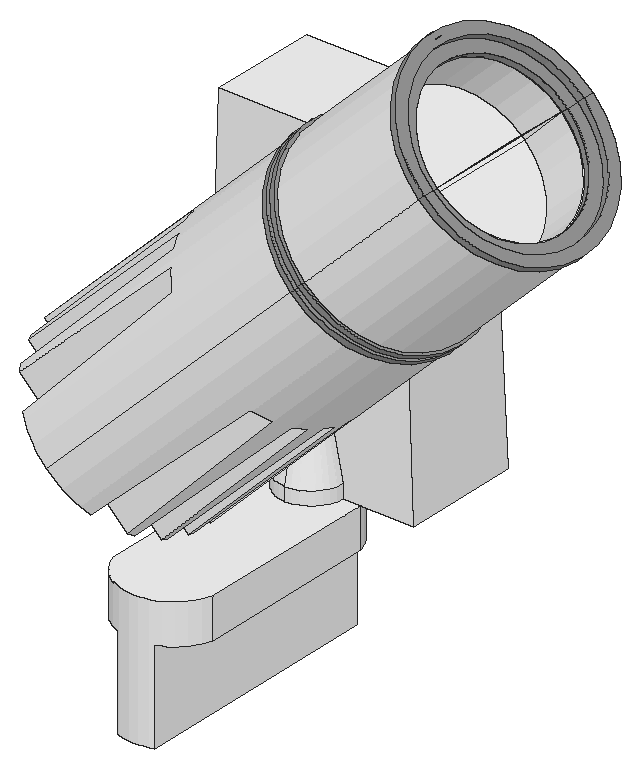
Revit family "2055958", category Lighting Fixtures, host Face, Revit 2016
Family settings
  Host = Face
  Part Type = Normal
  Round Connector Dimension = Use Diameter
  OmniClass Number = 23.80.70.00
  OmniClass Title = Lighting
  Cut with Voids When Loaded = No
  Light Source = No
  Shared = No
  Room Calculation Point = No
Parameters (values of type "2055958 BCON PRJ FRAM O/B L3 4K WH")
  Weight = "1.365 kg"
  Wattage Comments = ""
  WarrantyStartDate [instance] = "n/a"
  WarrantyGuarantorParts = "n/a"
  WarrantyDurationUnit = "n/a"
  WarrantyDurationParts = "n/a"
  WarrantyDescription = "n/a"
  Voltage = 230 V
  URL = "http://www.sylvania-lighting.com"
  TypeName = "BCON PRJ FRAM O/B L3 4K WH"
  TypeHead_SYL = Beacon LED Projector Framing Head : 2055958 BCON PRJ FRAM O/B L3 4K WH
  Type Image = <None>
  Type Comments = "n/a"
  Track_SYL = yes
  Surface_SYL = not(Track_SYL)  # no
  SerialNumber [instance] = "n/a"
  Material_3_SYL = none
  PowerFactor = 0.95
  PowerConsumption = "35 W"
  NominalLength = 0 mm
  NominalHeight = 215 mm
  NominalDepth = 185 mm
  Name = "BCON PRJ FRAM O/B L3 4K WH"
  ModelReference = Name  # "BCON PRJ FRAM O/B L3 4K WH"
  ModelNumber = "2055958"
  Model = Name  # "BCON PRJ FRAM O/B L3 4K WH"
  Material = "aluminium housing"
  ManufacturerName = "Feilo Sylvania"
  Manufacturer = "Feilo Sylvania"
  LuminousEfficacy = "14 lm/W"
  LuminaireType = ""
  LightOutputRatio = "100"
  LampsType = Lamp  # "LED"
  LampNominalLuminous = "474 lm"
  LampMacAdamStep = "3"
  LampColourTemperature = "4000 K"
  LampColourRenderingIndex = "97"
  Lamp = "LED"
  Keynote = "16500"
  InstallationDate [instance] = "n/a"
  InputVoltage = "AC 230 V"
  InputNominalFrequency = "50/60 Hz"
  IngressProtection = "IP20"
  ImpactProtectionIndex = "IK02"
  IfcExportType = "IfcLightFixtureType"
  IfcExportAs = "IfcLightFixtureType"
  HorizontalRotation_SYL [instance] = 0.00°
  EndAngle_SYL [instance] = HorizontalRotation_SYL + 180.00°  # 180.00°
  ElectricShockClassification = "Class II"
  DocumentationLiterature = "http://www.sylvania-lighting.com/product/en-int/products/2055958"
  DimmingControlOptions = "n/a"
  Material_2_SYL = Body-Sylvania-Black
  Description = "Beacon Projector offers precision light exactly where it is needed. The Framing Projector has four adjustable arms allowing the beam to be framed to the desired size shape (square/rectangle or irregular 4 sided shapes).High colour rendering CRI 97 typical. IR/UV free light source without heat radiation. LED technology provides an energy efficient solution with reduced maintenance costs."
  Default Elevation = 1219.2 mm
  CreatedOn = "3/14/2019"
  CreatedBy = "@sylvania-lighting.com"
  Cost = 0
  built-in parameter 1114216 [instance] = (empty or 0)
  ClassificationValue = "EF_70_80"
  ClassificationName = "Uniclass2015"
  Material_1_SYL = Body-Sylvania-White
  BarCode [instance] = "n/a"
  AssetType = "Fixed"
  AssetIdentifier [instance] = "n/a"
  Assembly Code = "D5020200"
  Apparent Load = 35 VA
  Material_4_SYL = none
Reference planes
  plane 1 "Center (Front/Back)": y = 0
  plane 2: z = 0
  plane 3 "Center (Left/Right)": x = 0
  plane 4: x = 7
  plane 5: x = -7
  plane 6: z = -34.5
  plane 7: z = 15
  plane 8: x = 18.5
  plane 9: x = -18.5
  plane 10: y = 48.5
  plane 11: y = -48.5
  plane 12: y = 34.5
  plane 13: y = -34.5
  plane 14: y = 77
  plane 15: y = -8
  plane 16: x = 42.5
  plane 17: x = -42.5
Forms (mm)
  Extrusion 1, solid, material "Body-Sylvania-White" <- "Material_1_SYL", visible <- "Track_SYL"
    sketch origin (0, 0, 0) x (1, 0, 0) y (0, 0, 1)
      loop
        line (-18.5, 15) -> (-18.5, 0) -> (-7, 0) -> (-7, -34.5) -> (7, -34.5) -> (7, 0) -> (18.5, 0) -> (18.5, 15) -> (-18.5, 15)
    from -48.5 to 48.5
  Extrusion 2, void
    sketch origin (0, 0, 0) x (1, 0, 0) y (0, 1, 0)
      loop
        arc (-18.5, 34.5) -> (0, 48.5) -> (18.5, 34.5) r 19.223
        line (18.5, 34.5) -> (21.5, 34.5) -> (21.5, 54.5) -> (-23.5, 54.5) -> (-23.5, 34.5) -> (-18.5, 34.5)
      loop
        line (-18.5, -34.5) -> (-23.5, -34.5) -> (-23.5, -54.5) -> (21.5, -54.5) -> (21.5, -34.5) -> (18.5, -34.5)
        arc (18.5, -34.5) -> (0, -48.5) -> (-18.5, -34.5) r 19.223
    from -34.5 to 15
  Revolve 3, solid, not visible
    sketch origin (0, 0, 0) x (0, 1, 0) y (0, 0, 1)
      loop
        line (34.5, 15) -> (48.5, 15) -> (48.5, 39.844) -> (34.5, 39.844) -> (34.5, 15)
      axis (34.5, 15) -> (34.5, 39.844)
    angle from 0 <- "HorizontalRotation_SYL" to 180 <- "EndAngle_SYL"
  Extrusion 4, solid, material "Body-Sylvania-White" <- "Material_1_SYL", visible <- "Surface_SYL"
    sketch origin (0, 0, 0) x (1, 0, 0) y (0, 1, 0)
      loop
        arc (39.5, -8) -> (41.621, -7.121) -> (42.5, -5) r 3
        line (42.5, -5) -> (42.5, 74)
        arc (42.5, 74) -> (41.621, 76.121) -> (39.5, 77) r 3
        line (39.5, 77) -> (-39.5, 77)
        arc (-39.5, 77) -> (-41.621, 76.121) -> (-42.5, 74) r 3
        line (-42.5, 74) -> (-42.5, -5)
        arc (-42.5, -5) -> (-41.621, -7.121) -> (-39.5, -8) r 3
        line (-39.5, -8) -> (39.5, -8)
    from 0 to 15
Cuts and joins
  Extrusion 2 cuts Extrusion 1
Dimensions and locks
  plane 8 to plane 4 to plane 3 "Center (Left/Right)" to plane 5 to plane 9 = 11.5 mm locked, 7 mm locked, 7 mm locked, 11.5 mm locked
  plane 7 to level to plane 6 = 15 mm locked, 34.5 mm locked
  plane 11 to plane 1 "Center (Front/Back)" to plane 10 = 48.5 mm locked, 48.5 mm locked
  plane 13 to plane 1 "Center (Front/Back)" to plane 12 = 34.5 mm locked, 34.5 mm locked
  plane 15 to plane 12 to plane 14 = 42.5 mm locked, 42.5 mm locked
  plane 16 to plane 3 "Center (Left/Right)" to plane 17 = 42.5 mm locked, 42.5 mm locked
  aligned and locked: plane 2 to host face
  aligned and locked: level to host face
  aligned and locked: plane 7 to Extrusion 1 sketch curve
  aligned and locked: level to Extrusion 1 sketch curve
  aligned and locked: Extrusion 1 sketch curve to plane 8
  aligned and locked: Extrusion 1 sketch curve to plane 6
  aligned and locked: Extrusion 1 sketch curve to plane 4
  aligned and locked: plane 5 to Extrusion 1 sketch curve
  aligned and locked: Extrusion 1 sketch curve to level
  aligned and locked: Extrusion 1 to plane 10
  aligned and locked: plane 11 to Extrusion 1
  aligned and locked: plane 12 to Extrusion 2 sketch curve  (x2)
  aligned and locked: plane 8 to Extrusion 2 sketch curve
  aligned and locked: plane 9 to Extrusion 2 sketch curve
  aligned and locked: plane 13 to Extrusion 2 sketch curve  (x3)
  aligned and locked: Extrusion 2 sketch curve to Extrusion 2 sketch curve  (x2)
  aligned and locked: plane 6 to Extrusion 2
  aligned and locked: Extrusion 2 to plane 7
  aligned and locked: Revolve 3 sketch curve to plane 12
  aligned and locked: Revolve 3 sketch curve to cut or joined group of Extrusion 1, Extrusion 2  (x2)
  aligned and locked: Revolve 3 sketch curve to plane 10
  aligned and locked: Extrusion 4 sketch curve to plane 15
  aligned and locked: Extrusion 4 sketch curve to plane 16
  aligned and locked: plane 14 to Extrusion 4 sketch curve
  aligned and locked: plane 17 to Extrusion 4 sketch curve
  aligned and locked: Extrusion 4 to plane 7
  aligned and locked: Extrusion 4 to level
  aligned and locked: nested 2 to plane 12
Nested families
  nested 1: "Beacon LED Projector Framing Gearbox" at (0, 34.5, 15) x (0, 1, 0) z (1, 0, 0), type "Type Name"
    with VerticalRotation_SYL -45.00°, EndAngle_SYL 135.00°
  nested 2: "Beacon LED Projector Framing Head" at (0, -10.5, 78) x (0, 1, 0) z (0.7071, 0, 0.7071), type <- "TypeHead_SYL", type "2055958 BCON PRJ FRAM O/B L3 4K WH"
    with built-in parameter 1114216 (empty or 0)
Connectors
  electrical at (0, 34.5, 0), driven by "Voltage", driven by "Apparent Load", driven by "PowerFactor"
    settings: on Extrusion 4, index 1, voltage 230 V, apparent load 35 VA, apparent load phase1 0 VA, apparent load phase2 0 VA, apparent load phase3 0 VA, power factor 0.95, load classification "Other", number of poles 1, system type 30, power factor state 1, is connector primary yes, connector utility no, sub classification motor no, connector description ""
Definition of nested family "Beacon LED Projector Framing Gearbox"
  Parameters (values of type "Type Name")
    VerticalRotation_SYL [instance] = 0.00°
    URL = "http://www.sylvania-lighting.com"
    Type Image = (empty or 0)
    Type Comments = "n/a"
    Material_3_SYL = none
    Model = ""
    Manufacturer = "Feilo Sylvania"
    Keynote = ""
    Material_2_SYL = none
    EndAngle_SYL [instance] = VerticalRotation_SYL + 180.00°  # 180.00°
    Description = ""
    Default Elevation = 1219.2 mm
    Cost = 0
    Material_1_SYL = none
    Assembly Code = ""
    Material_4_SYL = none
  Reference planes
    plane 1 "Center (Front/Back)": y = 0
    plane 2: z = 0
    plane 3 "Center (Left/Right)": x = 0
    plane 4: y = 5
    plane 5: y = 63
    plane 6: y = 47
    plane 7: y = 121
    plane 8: x = -3
    plane 9: x = -12
    plane 10: x = 41
    plane 11: x = 44
    plane 12: z = 38.5
    plane 13: z = -38.5
    plane 14: z = 34.5
    plane 15: z = -34.5
  Forms (mm)
    Extrusion 1, solid
      sketch origin (4.2, 0, 0) x (1, 0, 0) y (0, 1, 0)
        loop
          line (-1219.2, 1219.2) -> (-1219.2, -1219.2) -> (1219.2, -1219.2) -> (1219.2, 1219.2) -> (-1219.2, 1219.2)
      from 0 to -68.017
    Revolve 2, solid, material <- "Material_1_SYL"
      sketch origin (0, 0, 0) x (1, 0, 0) y (0, 1, 0)
        loop
          line (0, 0) -> (0, 47) -> (-3, 47) -> (-12, 5) -> (-12, 0) -> (0, 0)
        axis (0, 47) -> (0, 0)
      angle from 360 to 0
    Blend 3, solid, material <- "Material_1_SYL"
      base sketch origin (0, 0, 0) x (1, 0, 0) y (0, 0, 1)
        loop
          line (0, -38.5) -> (44, -38.5) -> (44, 38.5) -> (0, 38.5) -> (0, -38.5)
      top sketch origin (0, 0, 0) x (1, 0, 0) y (0, 0, 1)
        loop
          line (0, 34.5) -> (0, -34.5) -> (41, -34.5) -> (41, 34.5) -> (0, 34.5)
      from 0 to -121
    Revolve 4, solid, not visible
      sketch origin (0, 0, 0) x (1, 0, 0) y (0, 1, 0)
        loop
          line (0, 63) -> (-12, 63) -> (-12, 47) -> (0, 47) -> (0, 63)
        axis (0, 63) -> (-12, 63)
      angle from 0 <- "VerticalRotation_SYL" to 180 <- "EndAngle_SYL"
  Cuts and joins
    joined: Revolve 2, Blend 3
  Dimensions and locks
    plane 3 "Center (Left/Right)" to plane 10 to plane 11 = 41 mm locked, 3 mm locked
    plane 9 to plane 8 to plane 3 "Center (Left/Right)" = 9 mm locked, 3 mm locked
    plane 1 "Center (Front/Back)" to plane 4 to plane 6 to plane 5 to plane 7 = 5 mm locked, 42 mm locked, 16 mm locked, 58 mm locked
    plane 14 to level to plane 15 = 34.5 mm locked, 34.5 mm locked
    locked: plane 12 to plane 14 at 4
    locked: plane 15 to plane 13 at 4
    aligned and locked: plane 2 to Extrusion 1
    aligned and locked: level to Extrusion 1
    aligned and locked: Revolve 2 sketch curve to plane 3 "Center (Left/Right)"  (x2)
    aligned and locked: Revolve 2 sketch curve to Revolve 2 sketch curve
    aligned and locked: Revolve 2 sketch curve to plane 1 "Center (Front/Back)"
    aligned and locked: plane 4 to Revolve 2 sketch curve
    aligned and locked: plane 9 to Revolve 2 sketch curve
    aligned and locked: plane 6 to Revolve 2 sketch curve  (x2)
    aligned and locked: plane 3 "Center (Left/Right)" to Revolve 2 sketch curve
    aligned and locked: plane 13 to Blend 3 sketch curve
    aligned and locked: Blend 3 sketch curve to plane 3 "Center (Left/Right)"
    aligned and locked: Blend 3 sketch curve to plane 12
    aligned and locked: plane 11 to Blend 3 sketch curve
    aligned and locked: plane 14 to Blend 3 sketch curve
    aligned and locked: Blend 3 sketch curve to plane 15
    aligned and locked: Blend 3 sketch curve to plane 10
    aligned and locked: Blend 3 to plane 7
    aligned and locked: plane 1 "Center (Front/Back)" to Blend 3
    aligned and locked: Revolve 4 sketch curve to plane 5
    aligned and locked: Revolve 4 sketch curve to Revolve 4 sketch curve
    aligned and locked: plane 3 "Center (Left/Right)" to Revolve 4 sketch curve
    aligned and locked: plane 6 to Revolve 4 sketch curve
    aligned and locked: Revolve 4 sketch curve to plane 9
Definition of nested family "Beacon LED Projector Framing Head"
  Parameters (values of type "2055967 BCON PRJ FRAM DALI L3 4K BLK")
    Wattage Comments = "n/a"
    Wattage = 35 W
    built-in parameter 1150110 = 1 (stored number, unit not read)
    URL = "http://www.sylvania-lighting.com"
    Type Image = (empty or 0)
    Type Comments = "n/a"
    built-in parameter 1114217 = 1 (stored number, unit not read)
    Tilt Angle = -90.00°
    built-in parameter 1150109 = 1 (stored number, unit not read)
    built-in parameter 1150134 = 12
    built-in parameter 1150113 = 1 (stored number, unit not read)
    Photometric Web File = "spot_ideal.ies"
    Material_3_SYL = none
    Model = "BCON PRJ FRAM DALI L3 4K BLK"
    Manufacturer = "Feilo Sylvania"
    built-in parameter 1150105 = 49 (stored number, unit not read)
    Lumens = 490 lm
    built-in parameter 1150115 = 1 (stored number, unit not read)
    built-in parameter 1150137 = (empty or 0)
    built-in parameter 1150139 = (empty or 0)
    built-in parameter 1150112 = 1 (stored number, unit not read)
    built-in parameter 1150114 = 1 (stored number, unit not read)
    Lamp = "LED"
    Keynote = "16500"
    Material_2_SYL = none
    built-in parameter 1150132 = (empty or 0)
    built-in parameter 1150102 = (empty or 0)
    built-in parameter 1150107 = 4000 (stored number, unit not read)
    built-in parameter 1150138 = (empty or 0)
    built-in parameter 1150106 = 0.49 (stored number, unit not read)
    Emit from Circle Diameter = 61 mm
    Emit Shape Visible in Rendering = no
    built-in parameter 1150104 = 1.3006 (stored number, unit not read)
    Dimming Lamp Color Temperature Shift = (empty or 0)
    Description = "Beacon Projector offers precision light exactly where it is needed. The Framing Projector has four adjustable arms allowing the beam to be framed to the desired size shape (square/rectangle or irregular 4 sided shapes).High colour rendering CRI 97 typical. IR/UV free light source without heat radiation. LED technology provides an energy efficient solution with reduced maintenance costs."
    Default Elevation = 1219.2 mm
    Cost = 0
    Color Filter = 16777215
    built-in parameter 1114216 [instance] = (empty or 0)
    Material_1_SYL = none
    built-in parameter 1114218 = 1 (stored number, unit not read)
    built-in parameter 1150133 = 10 (stored number, unit not read)
    Assembly Code = "D5020200"
    Apparent Load = 35 VA
    Material_4_SYL = none
  Types (12, lengths in mm): name | built-in parameter 1150134 | Model | built-in parameter 1150107
    2055967 BCON PRJ FRAM DALI L3 4K BLK | 12 | "BCON PRJ FRAM DALI L3 4K BLK" | 4000 (stored number, unit not read)
    2055966 BCON PRJ FRAM DALI L3 4K WH | 12 | "BCON PRJ FRAM DALI L3 4K WH" | 4000 (stored number, unit not read)
    2055965 BCON PRJ FRAM DALI L3 3K BLK | (empty or 0) | "BCON PRJ FRAM DALI L3 3K BLK" | 3000 (stored number, unit not read)
    2055964 BCON PRJ FRAM DALI L3 3K WH | (empty or 0) | "BCON PRJ FRAM DALI L3 3K WH" | 3000 (stored number, unit not read)
    2055963 BCON PRJ FRAM O/B SM 4K BLK | 12 | "BCON PRJ FRAM O/B SM 4K BLK" | 4000 (stored number, unit not read)
    2055962 BCON PRJ FRAM O/B SM 4K WH | 12 | "BCON PRJ FRAM O/B SM 4K WH" | 4000 (stored number, unit not read)
    2055961 BCON PRJ FRAM O/B SM 3K BLK | (empty or 0) | "BCON PRJ FRAM O/B SM 3K BLK" | 3000 (stored number, unit not read)
    2055960 BCON PRJ FRAM O/B SM 3K WH | (empty or 0) | "BCON PRJ FRAM O/B SM 3K WH" | 3000 (stored number, unit not read)
    2055959 BCON PRJ FRAM O/B L3 4K BLK | 12 | "BCON PRJ FRAM O/B L3 4K BLK" | 4000 (stored number, unit not read)
    2055958 BCON PRJ FRAM O/B L3 4K WH | 12 | "BCON PRJ FRAM O/B L3 4K WH" | 4000 (stored number, unit not read)
    2055957 BCON PRJ FRAM O/B L3 3K BLK | (empty or 0) | "BCON PRJ FRAM O/B L3 3K BLK" | 3000 (stored number, unit not read)
    2055956 BCON PRJ FRAM O/B L3 3K WH | (empty or 0) | "BCON PRJ FRAM O/B L3 3K WH" | 3000 (stored number, unit not read)
  Reference planes
    plane 1 "Center (Front/Back)": y = 0
    plane 2: z = 0
    plane 3 "Center (Left/Right)": x = 0
    plane 4: x = 39.5
    plane 5: x = -39.5
    plane 6: z = -45
    plane 7: z = 155
    plane 8: z = 152.4
    plane 9: x = -38.5
    plane 10: z = 91
    plane 11: z = 84.75
    plane 12: z = 35
    plane 13: x = -35.25
    plane 14: z = 151.937
    plane 15: x = -30.5
    plane 16: z = 149.187
    plane 17: z = 88.75
    plane 18: z = 87
    plane 19: x = -37.5
    plane 20: z = 129.187
    plane 21: x = -2.5
    plane 22: x = 2.5
    plane 23: x = -4
    plane 24: x = 4
    plane 25: z = 15
    plane 26: z = -15
    plane 27: x = 45
    plane 28: x = 14.75
  Forms (mm)
    Extrusion 1, solid
      sketch origin (4.2, 0, 0) x (1, 0, 0) y (0, 1, 0)
        loop
          line (-1219.2, 1219.2) -> (-1219.2, -1219.2) -> (1219.2, -1219.2) -> (1219.2, 1219.2) -> (-1219.2, 1219.2)
      from 0 to -68.017
    Revolve 2, solid, material <- "Material_2_SYL"
      sketch origin (0, 0, 0) x (1, 0, 0) y (0, 0, 1)
        loop
          line (-30.5, 149.188) -> (-30.5, 151.938) -> (-35.25, 151.938) -> (-35.25, 155) -> (-39.5, 155) -> (-39.5, 152.4) -> (-37.5, 152.4) -> (-37.5, 149.188) -> (-30.5, 149.188)
        axis (0, 155) -> (0, 149.188)
      angle from 360 to 0
    Revolve 3, solid, material <- "Material_3_SYL"
      sketch origin (0, 0, 0) x (1, 0, 0) y (0, 0, 1)
        loop
          arc (0, 156.729) -> (-15.437, 155.524) -> (-30.5, 151.938) r 99.476
          line (-30.5, 151.938) -> (-30.5, 149.188) -> (0, 149.188) -> (0, 156.729)
        axis (0, 156.729) -> (0, 149.188)
      angle from 360 to 0
    Revolve 4, solid, material <- "Material_1_SYL"
      sketch origin (0, 0, 0) x (1, 0, 0) y (0, 0, 1)
        loop
          line (-38.5, 152.4) -> (-38.5, 91) -> (-35.25, 91) -> (-35.25, 84.75) -> (-38.5, 84.75) -> (-38.5, -45) -> (0, -45) -> (0, 129.187) -> (-30.5, 129.187) -> (-30.5, 149.188) -> (-37.5, 149.188) -> (-37.5, 152.4) -> (-38.5, 152.4)
        axis (0, 152.4) -> (0, -45)
      angle from 360 to 0
    Revolve 5, solid, material <- "Material_2_SYL"
      sketch origin (0, 0, 0) x (1, 0, 0) y (0, 0, 1)
        loop
          line (-39.5, 91) -> (-39.5, 88.75) -> (-37.5, 88.75) -> (-37.5, 87) -> (-39.5, 87) -> (-39.5, 84.75) -> (-35.25, 84.75) -> (-35.25, 91) -> (-39.5, 91)
        axis (0, 91) -> (0, 84.75)
      angle from 360 to 0
    Extrusion 6, void
      sketch origin (20, 0, 0) x (-1, 0, 0) y (0, 0, 1)
        loop
          line (17.5, 35) -> (16, -45) -> (24, -45) -> (22.5, 35) -> (17.5, 35)
      from -40 to 40
    Extrusion 7, void
      sketch origin (20, 0, 0) x (-1, 0, 0) y (0, 0, 1)
        loop
          line (27.5, 35) -> (26, -45) -> (34, -45) -> (32.5, 35) -> (27.5, 35)
      from -40 to 40
    Extrusion 8, void
      sketch origin (-20, 0, 0) x (1, 0, 0) y (0, 0, 1)
        loop
          line (2.5, 35) -> (-2.5, 35) -> (-4, -45) -> (4, -45) -> (2.5, 35)
      from -40 to 40
    Extrusion 9, void
      sketch origin (20, 0, 0) x (-1, 0, 0) y (0, 0, 1)
        loop
          line (47.5, 35) -> (46, -45) -> (54, -45) -> (52.5, 35) -> (47.5, 35)
      from -40 to 40
    Extrusion 10, void
      sketch origin (30, 0, 0) x (-1, 0, 0) y (0, 0, 1)
        loop
          line (2.5, 35) -> (-2.5, 35) -> (-4, -45) -> (4, -45) -> (2.5, 35)
      from -40 to 40
    Extrusion 11, void
      sketch origin (10, 0, 0) x (-1, 0, 0) y (0, 0, 1)
        loop
          line (2.5, 35) -> (-2.5, 35) -> (-4, -45) -> (4, -45) -> (2.5, 35)
      from -40 to 40
    Extrusion 12, void
      sketch origin (20, 0, 0) x (-1, 0, 0) y (0, 0, 1)
        loop
          line (2.5, 35) -> (-2.5, 35) -> (-4, -45) -> (4, -45) -> (2.5, 35)
      from -40 to 40
    Revolve 13, solid, material <- "Material_1_SYL"
      sketch origin (0, 0, 0) x (1, 0, 0) y (0, 0, 1)
        loop
          line (45, 15) -> (14.75, 15) -> (14.75, 0) -> (45, 0) -> (45, 15)
        axis (14.75, 0) -> (45, 0)
      angle from 360 to 0
  Cuts and joins
    Extrusion 6, Extrusion 7, Extrusion 8, Extrusion 9, Extrusion 10, Extrusion 11, Extrusion 12 cuts Revolve 4
    joined: Revolve 4, Revolve 13
  Lines and regions (mm)
    reference lines
      curve 1: line (-2.5, 0, 35) -> (-4, 0, -45)
      curve 2: line (4, 0, -45) -> (2.5, 0, 35)
  Dimensions and locks
    plane 7 to level to plane 6 = 155 mm locked, 45 mm locked
    equal spacing: plane 4, plane 3 "Center (Left/Right)", plane 5
    locked: plane 4 to plane 5 at 79
    locked: plane 7 to plane 10 at 64
    plane 10 to plane 11 = 6.25 mm
    locked: plane 7 to plane 12 at 120
    plane 3 "Center (Left/Right)" to plane 15 to plane 13 to plane 9 to plane 5 = 30.5 mm, 4.75 mm, 3.25 mm, 1 mm
    plane 7 to plane 8 to plane 14 to plane 16 = 2.6 mm locked, 0.463 mm locked, 2.75 mm locked
    locked: plane 3 "Center (Left/Right)" to plane 19 at 37.5
    locked: plane 16 to plane 20 at 20
    plane 10 to plane 17 to plane 18 = 2.25 mm locked, 1.75 mm locked
    plane 22 to plane 3 "Center (Left/Right)" to plane 21 = 2.5 mm locked, 2.5 mm locked
    plane 24 to plane 3 "Center (Left/Right)" to plane 23 = 4 mm locked, 4 mm locked
    equal spacing: group 4, group 3, group 2, group 1
    equal spacing: group 1, group 2, group 3, group 4  (x2)
    plane 25 to level to plane 26 = 15 mm locked, 15 mm locked
    locked: plane 27 to plane 3 "Center (Left/Right)" at 45
    locked: plane 28 to plane 3 "Center (Left/Right)" at 14.75
    aligned and locked: plane 2 to Extrusion 1
    aligned and locked: level to Extrusion 1
    aligned and locked: Revolve 2 sketch curve to plane 3 "Center (Left/Right)"
    aligned and locked: plane 16 to Revolve 2 sketch curve  (x2)
    aligned and locked: plane 15 to Revolve 2 sketch curve
    aligned and locked: plane 13 to Revolve 2 sketch curve
    aligned and locked: Revolve 2 sketch curve to plane 14
    aligned and locked: Revolve 2 sketch curve to plane 7
    aligned and locked: Revolve 2 sketch curve to plane 5
    aligned and locked: plane 8 to Revolve 2 sketch curve
    aligned and locked: Revolve 3 sketch curve to plane 3 "Center (Left/Right)"
    aligned and locked: Revolve 3 sketch curve to Revolve 2
    aligned and locked: Revolve 2 to Revolve 3 sketch curve
    aligned and locked: plane 3 "Center (Left/Right)" to Revolve 3 sketch curve
    aligned and locked: Revolve 4 sketch curve to plane 3 "Center (Left/Right)"
    aligned and locked: plane 10 to Revolve 4 sketch curve
    aligned and locked: Revolve 4 sketch curve to plane 13
    aligned and locked: Revolve 4 sketch curve to plane 11
    aligned and locked: Revolve 4 sketch curve to plane 9  (x2)
    aligned and locked: plane 6 to Revolve 4 sketch curve
    aligned and locked: plane 3 "Center (Left/Right)" to Revolve 4 sketch curve
    aligned and locked: plane 15 to Revolve 4 sketch curve
    aligned and locked: Revolve 4 sketch curve to plane 8
    aligned and locked: Revolve 2 sketch curve to plane 19
    aligned and locked: plane 19 to Revolve 4 sketch curve
    aligned and locked: Revolve 4 sketch curve to plane 20
    aligned and locked: Revolve 5 sketch curve to plane 3 "Center (Left/Right)"
    aligned and locked: plane 10 to Revolve 5 sketch curve
    aligned and locked: Revolve 5 sketch curve to plane 5  (x2)
    aligned and locked: plane 17 to Revolve 5 sketch curve
    aligned and locked: plane 18 to Revolve 5 sketch curve
    aligned and locked: Revolve 5 sketch curve to plane 19
    aligned and locked: plane 11 to Revolve 5 sketch curve
    aligned and locked: Revolve 5 sketch curve to Revolve 4  (x2)
    aligned and locked: plane 21 to curve 1
    aligned and locked: plane 23 to curve 1
    aligned and locked: plane 24 to curve 2
    aligned and locked: plane 22 to curve 2
    aligned and locked: Revolve 13 sketch curve to plane 25
    aligned and locked: plane 27 to Revolve 13 sketch curve
    aligned and locked: Revolve 13 sketch curve to level  (x2)
    aligned and locked: Revolve 13 sketch curve to plane 28
    aligned and locked: plane 3 "Center (Left/Right)" to imposter light
    aligned and locked: imposter light to plane 7
    aligned and locked: imposter light to plane 1 "Center (Front/Back)"
  Automatic sketch dimensions
    Extrusion 1 sketch curve to Extrusion 1 sketch curve = 2438.4 mm  (x2)
    plane 6 to Revolve 2 sketch curve = 564.6 mm
    Revolve 2 sketch curve to plane 7 = 2454.058 mm
    Revolve 3 sketch curve to plane 14 = 0 mm
    Revolve 3 sketch curve to plane 12 = 22.253 mm
    plane 6 to Revolve 3 sketch curve = 564.6 mm
    Revolve 3 sketch curve to Revolve 3 sketch curve = 2452.329 mm
    Revolve 4 sketch curve to plane 16 = 0 mm
    plane 6 to Revolve 4 sketch curve = 564.6 mm
    Revolve 4 sketch curve to plane 7 = 2454.058 mm
    plane 6 to Revolve 5 sketch curve = 564.6 mm
    Revolve 5 sketch curve to plane 7 = 2454.058 mm
    curve 2 to plane 12 = 0 mm
    curve 2 to plane 6 = 0 mm
    curve 1 to plane 6 = 0 mm
    curve 1 to plane 12 = 0 mm
    Extrusion 6 sketch curve to Extrusion 6 sketch curve = 1.5 mm
    Extrusion 6 sketch curve to Extrusion 6 sketch curve = 5 mm
    Extrusion 6 sketch curve to Extrusion 6 sketch curve = 8 mm
    Extrusion 6 sketch curve to Extrusion 6 sketch curve = 80 mm
    Extrusion 7 sketch curve to Extrusion 7 sketch curve = 1.5 mm
    Extrusion 7 sketch curve to Extrusion 7 sketch curve = 5 mm
    Extrusion 7 sketch curve to Extrusion 7 sketch curve = 8 mm
    Extrusion 7 sketch curve to Extrusion 7 sketch curve = 80 mm
    Extrusion 8 sketch curve to Extrusion 8 sketch curve = 1.5 mm
    Extrusion 8 sketch curve to Extrusion 8 sketch curve = 5 mm
    Extrusion 8 sketch curve to Extrusion 8 sketch curve = 8 mm
    Extrusion 8 sketch curve to Extrusion 8 sketch curve = 80 mm
    Extrusion 9 sketch curve to Extrusion 9 sketch curve = 1.5 mm
    Extrusion 9 sketch curve to Extrusion 9 sketch curve = 5 mm
    Extrusion 9 sketch curve to Extrusion 9 sketch curve = 8 mm
    Extrusion 9 sketch curve to Extrusion 9 sketch curve = 80 mm
    Extrusion 10 sketch curve to Extrusion 10 sketch curve = 1.5 mm
    Extrusion 10 sketch curve to Extrusion 10 sketch curve = 5 mm
    Extrusion 10 sketch curve to Extrusion 10 sketch curve = 8 mm
    Extrusion 10 sketch curve to Extrusion 10 sketch curve = 80 mm
    Extrusion 11 sketch curve to Extrusion 11 sketch curve = 1.5 mm
    Extrusion 11 sketch curve to Extrusion 11 sketch curve = 5 mm
    Extrusion 11 sketch curve to Extrusion 11 sketch curve = 8 mm
    Extrusion 11 sketch curve to Extrusion 11 sketch curve = 80 mm
    Extrusion 12 sketch curve to Extrusion 12 sketch curve = 1.5 mm
    Extrusion 12 sketch curve to Extrusion 12 sketch curve = 5 mm
    Extrusion 12 sketch curve to Extrusion 12 sketch curve = 8 mm
    Extrusion 12 sketch curve to Extrusion 12 sketch curve = 80 mm
    Revolve 13 sketch curve to plane 5 = 1495.135 mm
    plane 27 to Revolve 13 sketch curve = 1614.773 mm
